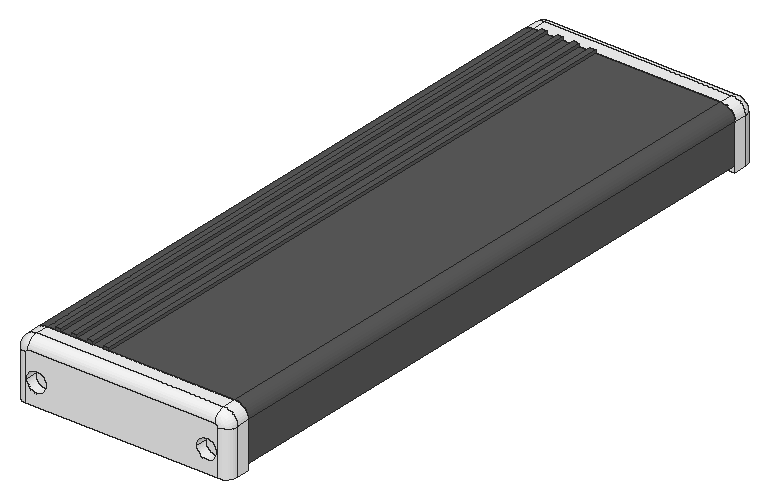
Revit family "JC KONTAKTER JCK217 FI", category Specialty Equipment, host Face, Revit 2025
Family settings
  Host = Face
  Round Connector Dimension = Use Diameter
  Part Type = Normal
  Enable Cutting in Views = Yes
  Cut with Voids When Loaded = No
  Maintain Annotation Orientation = Yes
  Shared = No
  Room Calculation Point = No
Parameters (values of type "JCK217")
  Valmistusmaa = "Ruotsi"
  URL = "https://www.jckontakter.fi/produkt/kyynarkytkin/kyynarkytkin-metalli/kyynarkytkin-jck217/"
  Tuotteen paino = "0.305 kg"
  Tekniken tuotekortti = "https://www.jckontakter.fi/wp-content/uploads/sites/4/Tekninen-tuotekortti_JCK217.245_FI-1.pdf"
  Päätypäät = POM Tenac C 4520 (Valkoinen)
  Pienin nimellisvirta = "12V Resistiivinen 6A Induktiivinen L/R 5ms 6A, 24V Resistiivinen 6A Induktiivinen L/R 5ms 5A"
  Nimellisestä nimellisvirrasta = "1mA/4 V DC"
  Model = "JCK217"
  Mikrokytkin = "Standar NO IP67"
  Mikrokytkimien määrä = 1
  Manufacturer = "JC Kontakter"
  Kansi = Aluminum ENAW 6060 (Musta)
  Description = "Kyynärkytkin, valmistettu mustaksi anodisoidusta alumiinista, jossa on valkoiset muoviset päätykappaleet. Neljä merkintäviivaa painopinnassa osoittavat, mistä kytkintä tulee painaa oven avaamisen aktivoimiseksi. Varustettu kosteussuojatulla mikrokytkimellä, jonka suojausluokitus on IP67. Sopii käytettäväksi sekä sisä- että ulkotiloissa."
  Default Elevation = 800 mm
  Kotelo = Aluminum ENAW 6060
  CE asiakirja = "https://jckontakter.se/wp-content/uploads/CE_Dokument.pdf"
Reference planes
  plane 1 "Center (Front/Back)": y = 0
  plane 2: z = 0
  plane 3 "Center (Left/Right)": x = 0
  plane 4 "A": y = -122.5
Lines and regions (mm)
  symbolic lines
    curve 1: line (-50, 0, 50) -> (50, 0, 50)
    curve 2: line (-50, 0, 0) -> (-50, 0, 50)
    curve 3: line (50, 0, 0) -> (-50, 0, 0)
    curve 4: line (50, 0, 50) -> (50, 0, 0)
    curve 5: line (-40, 117.5, 0) -> (40, 117.5, 0)
    curve 6: line (-40, -122.5, 0) -> (-40, 117.5, 0)
    curve 7: line (40, -122.5, 0) -> (-40, -122.5, 0)
    curve 8: line (40, 117.5, 0) -> (40, -122.5, 0)
Text (mm)
  text "Poista tämä tunniste ennen käyttöä.\n\nSijoitusohjeet:\n\n1. Lataa projektiin.\n2. Vie kursori sen pinnan päälle, johon perhe tullaan sijoittamaan.\n3. Jos perhe näkyy kiertyneenä, valitse asetus \"kierrä sijoittamisen jälkeen\".\n4. Napsauta haluttua pintaa.\n5. Kirjoita haluttu kulma.\n6. Paina Enter." at (123.173, 1072.34, 0), in view "Ref. Level"
Dimensions and locks
  aligned and locked: plane 2 to host face
  aligned and locked: level to host face
Nested families
  nested 1: "AK_217" at (0, -122.5, 0) x (1, 0, 0) z (0, 1, 0), type "AK_217"
Definition of nested family "AK_217"
  Parameters (values of type "AK_217")
    Default Elevation = 1219.2 mm
    Core Finish = none
    URL = "https://jckontakter.se/produkt/armbagskontakter-metall/armbagskontakt-i-aluminium-jck217/"
    Model = "JCK217"  # constant formula
    Manufacturer = "JC Kontakter"  # constant formula
    Lid Finish = none
    End Cap Finish = none
    Description = "JCK217 tillhör en serie armbågskontakter som har en plan tryckyta med fyra taktila rillor i. Rillorna fungerar som extra vägledning för personer med synnedsättning. Man kan enkelt känna sig till vart man ska trycka för att aktivera dörröppning. JCK217 är tillverkad i svarteloxerad aluminium och har vita endcaps. Den levereras med 1st mikrobrytare i IP67, men går även att beställa med fler."  # constant formula
  Reference planes
    plane 1 "Center (Front/Back)": y = 0
    plane 2: z = 0
    plane 3 "Center (Left/Right)": x = 0
    plane 4 "1": x = 40
    plane 5 "A": z = 9
    plane 6 "B": z = 236
  Forms (mm)
    Extrusion 1, solid, material <- "Core Finish"
      sketch origin (40, 0, 9) x (1, 0, 0) y (0, 1, 0)
        loop
          line (-80, 0) -> (-80, -1.2) -> (-75, -1.2) -> (-75, -8.75) -> (-73.2, -8.75) -> (-73.2, -1.2) -> (-11.2, -1.2) -> (-11.2, -8.75) -> (-2.249, -8.75)
          arc (-2.249, -8.75) -> (-3.331, -3.54) -> (-8.11, -1.2) r 6.05
          line (-8.11, -1.2) -> (-5.54, -1.2) -> (-5.54, 0) -> (-80, 0)
      from 0 to 227
    Extrusion 2, solid, material <- "Lid Finish"
      sketch origin (-40, 0, 9) x (-1, 0, 0) y (0, -1, 0)
        loop
          line (-3.92, 11.41) -> (-0.92, 6.4) -> (0, 6.4) -> (0, 16.83)
          arc (0, 16.83) -> (-1.464, 20.366) -> (-5, 21.83) r 5
          line (-5, 21.83) -> (-8, 21.83) -> (-8, 22.83) -> (-10, 22.83) -> (-10, 21.83) -> (-14, 21.83) -> (-14, 22.83) -> (-16, 22.83) -> (-16, 21.83) -> (-20, 21.83) -> (-20, 22.83) -> (-22, 22.83) -> (-22, 21.83) -> (-26, 21.83) -> (-26, 22.83) -> (-28, 22.83) -> (-28, 21.83) -> (-75, 21.83)
          arc (-75, 21.83) -> (-78.536, 20.366) -> (-80, 16.83) r 5
          line (-80, 16.83) -> (-80, 2.38) -> (-78.4, 2.38) -> (-78.4, 11.41) -> (-3.92, 11.41)
      from 0 to 227
    Extrusion 3, solid, material <- "End Cap Finish"
      sketch origin (-40, 0, 0) x (1, 0, 0) y (0, 1, 0)
        loop
          arc (0, -16.83) -> (1.464, -20.366) -> (5, -21.83) r 5
          line (5, -21.83) -> (75, -21.83)
          arc (75, -21.83) -> (78.536, -20.366) -> (80, -16.83) r 5
          line (80, -16.83) -> (80, 0) -> (0, 0) -> (0, -16.83)
      from 0 to 9
    Sweep 4, void
      path origin (0, 0, 0) x (1, 0, 0) y (0, 1, 0)
        loop
          line (42, 0) -> (42, -16.83)
          arc (42, -16.83) -> (39.95, -21.78) -> (35, -23.83) r 7
          line (35, -23.83) -> (-35, -23.83)
          arc (-35, -23.83) -> (-39.95, -21.78) -> (-42, -16.83) r 7
          line (-42, -16.83) -> (-42, 0)
      profile origin (0, -23.83, 0) x (0, -1, 0) y (0, 0, 1)
        loop
          line (-1, 4) -> (-2, 4)
          arc (-2, 4) -> (-3.172, 1.172) -> (-6, 0) r 4
          line (-6, 0) -> (-6, -1) -> (-1, -1) -> (-1, 4)
    Extrusion 5, solid, material <- "End Cap Finish"
      sketch origin (0, 0, 236) x (-1, 0, 0) y (0, -1, 0)
        loop
          arc (40, 16.83) -> (38.536, 20.366) -> (35, 21.83) r 5
          line (35, 21.83) -> (-35, 21.83)
          arc (-35, 21.83) -> (-38.536, 20.366) -> (-40, 16.83) r 5
          line (-40, 16.83) -> (-40, 0) -> (40, 0) -> (40, 16.83)
      from 0 to 9
    Sweep 6, void
      path origin (0, 0, 236) x (-1, 0, 0) y (0, -1, 0)
        loop
          line (-42, 0) -> (-42, 16.83)
          arc (-42, 16.83) -> (-39.95, 21.78) -> (-35, 23.83) r 7
          line (-35, 23.83) -> (35, 23.83)
          arc (35, 23.83) -> (39.95, 21.78) -> (42, 16.83) r 7
          line (42, 16.83) -> (42, 0)
      profile origin (0, -23.83, 236) x (0, -1, 0) y (0, 0, 1)
        loop
          line (-1, 5) -> (-1, 10) -> (-6, 10) -> (-6, 9)
          arc (-6, 9) -> (-3.172, 7.828) -> (-2, 5) r 4
          line (-2, 5) -> (-1, 5)
    Extrusion 7, void
      sketch origin (0, 0, 0) x (1, 0, 0) y (0, 1, 0)
        loop
          circle (-31.75, -8.25) r 3.75
        loop
          circle (31.75, -8.25) r 3.75
      from 0 to 4
  Cuts and joins
    Sweep 4, Sweep 6, Extrusion 7 cuts Extrusion 3
    Sweep 6 cuts Extrusion 5
  Dimensions and locks
    aligned and locked: level to plane 2
